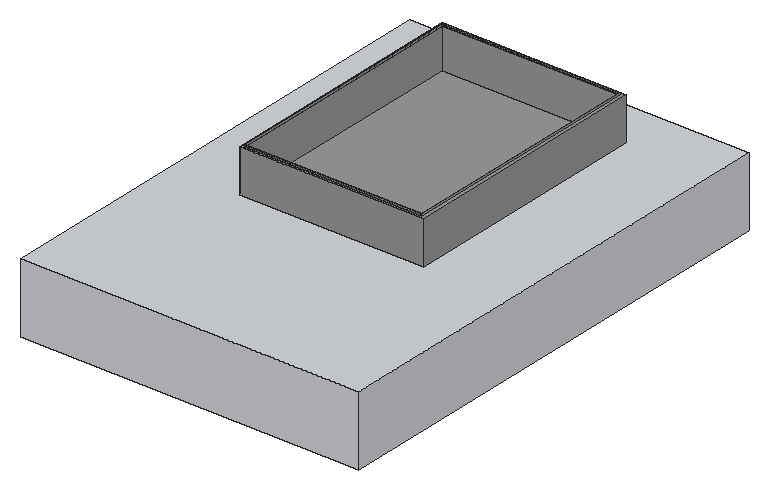
Revit family "Hager-Univers-IP30-D205-H1100-Cl.II-Encl-NL-en", category Equipement électrique, Revit 2020
Family settings
  Hôte = Face
  Configuration du panneau = Deux colonnes, circuits au sein
  Cote de connecteur circulaire = Utiliser le diamètre
  Type d'élément = Tableau de raccordement
  Couper avec des vides une fois chargée = Non
  Partagée = Non
  Point de calcul de pièce = Non
Parameters (values of type "Surface mounted (plaster) IP30 W800 H1100 D205  - FP73Q1S")
  Width Control [instance] = if([EF000008 - Width] > Min Width, [EF000008 - Width], Min Width)  # 800 mm
  Commentaires du type = [HG000003 - Range]  # "Univers"
  Thickness Door [instance] = if([EF009171 - Material plate thickness door/cover] > 3 mm, 3 mm, [EF009171 - Material plate thickness door/cover])  # 1 mm
  Seal Frame Offset [instance] = 17 mm  # constant formula
  Plinth Visibility [instance] = [HG000027 - Plinth height] > 0 mm  # no
  Model = ""
  Min Width [instance] = 100 mm  # constant formula
  Min Height [instance] = 100 mm  # constant formula
  Min Depth [instance] = (2 * [EF009170 - Material plate thickness cabinet]) + 1 mm  # 3 mm
  Internal Frame Depth [instance] = (Door System Depth * 0.5)  # 9 mm
  Height Control [instance] = if([EF000040 - Height] > Min Height, [EF000040 - Height], Min Height)  # 1100 mm
  HG000027 - Plinth height = 0 mm
  HG000026 - Floor standing = no
  HG000024 - Bottom section height = 800 mm
  HG000023 - Double section enclosure = no
  HG000016 - Door 3d visibility [instance] = yes
  HG000015 - Clearance visibility [instance] = no
  HG000014 - Door on the right [instance] = yes
  HG000013 - Door on the left [instance] = not([HG000014 - Door on the right])  # no
  HG000012 - Door swing angle [instance] = 30.00°
  HG000010 - Asymmetric doors = no
  HG000009 - Double swing door = no
  HG000006 - Flush mounted = no
  HG000004 - Manufacturer reference = "FP73Q1S"
  HG000003 - Range = "Univers"
  HG000002 - With door or cover = no
  Frame Offset Bottom [instance] = 10 mm  # constant formula
  Frame Offset [instance] = 15 mm  # constant formula
  EF015940 - Cover with overpressure release = no
  EF011959 - Degree of protection (NEMA) = ""
  EF009554 - Number of openings for flange plates = 6
  EF009212 - Cover model = "EV009916 - With notch"
  EF009171 - Material plate thickness door/cover = 1 mm
  EF009170 - Material plate thickness cabinet = 1 mm
  Fabricant = "Hager"  # constant formula
  EF008873 - Nominal current (In) = 250 A
  EF007800 - Suitable for lightning protection = no
  EF006306 - With lock = no
  EF006244 - Transparent cover/door = no
  EF005474 - Degree of protection (IP) = "EV006410 - IP30"
  EF004464 - Type of door = "EV000494 - None"
  EF004427 - Number of modules = 252
  EF004293 - Impact strength = "EV006813 - IK07"
  EF003532 - Suitable for outdoor use = no
  EF002950 - Width in number of modular spacings = 36
  EF001613 - Circuit integrity = "EV000494 - None"
  EF001596 - Material housing = "EV000179 - Steel"
  EF001131 - Internal depth = 130 mm
  EF001088 - Extension possible = yes
  EF000437 - Number of conduit inlets = 6
  EF000339 - Type of cover = "EV000494 - None"
  EF000266 - Number of rows = 7
  EF000218 - Built-in depth = 0 mm
  EF000118 - With mounting plate = no
  EF000116 - RAL-number = "9010"
  EF000049 - Depth = 205 mm
  EF000040 - Height = 1100 mm
  EF000008 - Width = 800 mm
  EF000007 - Colour = "EV000202 - White"
  EF000003 - Mounting method = "EV000384 - Surface mounted (plaster)"
  Door System Leaf Tolerance [instance] = 1.5 mm  # constant formula
  Door System Depth [instance] = 18 mm  # constant formula
  Door Height [instance] = Height Control - [HG000027 - Plinth height]  # 1100 mm
  Depth Control [instance] = if([EF000049 - Depth] > Min Depth, [EF000049 - Depth], Min Depth)  # 205 mm
  Default Elevation = 0 mm
  Connector Offset [instance] = Height Control / 2  # 550 mm
  Bottom Top Plate Trim [instance] = 1.5 mm  # constant formula
  Plinth height Ctrl [instance] = if([HG000027 - Plinth height] > 0 mm, [HG000027 - Plinth height], 12 mm)  # 12 mm
Types (5, lengths in mm): name | Width Control | HG000004 - Manufacturer reference | EF009554 - Number of openings for flange plates | EF004427 - Number of modules | EF002950 - Width in number of modular spacings | EF000437 - Number of conduit inlets | EF000008 - Width
  Surface mounted (plaster) IP30 W1050 H1100 D205  - FP74Q1S | 1050 | "FP74Q1S" | 8 | 336 | 48 | 8 | 1050
  Surface mounted (plaster) IP30 W1300 H1100 D205  - FP75Q1S | 1300 | "FP75Q1S" | 10 | 420 | 60 | 10 | 1300
  Surface mounted (plaster) IP30 W300 H1100 D205  - FP71Q1S | 300 | "FP71Q1S" | 2 | 84 | 12 | 2 | 300
  Surface mounted (plaster) IP30 W550 H1100 D205  - FP72Q1S | 550 | "FP72Q1S" | 4 | 168 | 24 | 4 | 550
  Surface mounted (plaster) IP30 W800 H1100 D205  - FP73Q1S | 800 | "FP73Q1S" | 6 | 252 | 36 | 6 | 800
Reference planes
  plane 1 "Center (Front/Back)": y = 0
  plane 2: z = 0
  plane 3 "Center (Left/Right)": x = 0
  plane 4: z = 205
  plane 5: y = 1
  plane 6: y = 550
  plane 7: y = 0
  plane 8: y = 1100
  plane 9: z = 0
  plane 10: x = -385
  plane 11: x = 385
  plane 12: x = 384
  plane 13: x = -384
  plane 14: y = 1099
  plane 15: x = -383
  plane 16: x = -400
  plane 17: x = 383
  plane 18: x = 400
  plane 19: x = 399
  plane 20: x = -399
  plane 21: y = 11
  plane 22: y = 1100
  plane 23: y = 1084
  plane 24: z = 187
  plane 25: z = 1
  plane 26: z = 186
  plane 27: z = 204
Forms (mm)
  Extrusion 1, solid
    sketch origin (0, 0, 0) x (1, 0, 0) y (0, 1, 0)
      loop
        line (-702.964, 1305) -> (-702.964, -811.445) -> (766.763, -811.445) -> (766.763, 1305) -> (-702.964, 1305)
    from 0 to -304.8
  Extrusion 2, solid, material "Hager_Steel_RAL7035_Light_Grey", visible <- "Plinth Visibility", detail levels medium+fine
    sketch origin (0, 0, 0) x (1, 0, 0) y (0, 1, 0)
      loop
        line (-400, 0) -> (400, 0) -> (400, 12) -> (-400, 12) -> (-400, 0)
    from 0 to 187
  Extrusion 3, solid, material "Hager_Steel_RAL7035_Light_Grey", detail levels medium+fine
    sketch origin (0, 0, 0) x (1, 0, 0) y (0, 1, 0)
      loop
        line (-400, 0) -> (400, 0) -> (400, 1100) -> (-400, 1100) -> (-400, 0)
    from 0 to 187
  Extrusion 4, void
    sketch origin (0, 0, 0) x (1, 0, 0) y (0, 1, 0)
      loop
        line (-399, 1) -> (399, 1) -> (399, 1099) -> (-399, 1099) -> (-399, 1)
    from 1 to 186
  Extrusion 5, void
    sketch origin (-381.607, -4572, 187) x (0, -1, 0) y (-1, 0, 0)
      loop
        line (-4583, 2.393) -> (-5656, 2.393) -> (-5656, -765.607) -> (-4583, -765.607) -> (-4583, 2.393)
    from 0 to 1 <- "EF009170 - Material plate thickness cabinet"
  Extrusion 6, solid, material "Hager_Steel_RAL7035_Light_Grey", detail levels fine
    sketch origin (0, 0, 187) x (1, 0, 0) y (0, 1, 0)
      loop
        line (-384, 1084) -> (-384, 11) -> (384, 11) -> (384, 1084) -> (-384, 1084)
      loop
        line (-385, 10) -> (385, 10) -> (385, 1085) -> (-385, 1085) -> (-385, 10)
    from 0 to 9 <- "Internal Frame Depth"
  Extrusion 7, solid, material "Hager_Steel_RAL7035_Light_Grey", detail levels coarse
    sketch origin (0, 0, 0) x (1, 0, 0) y (0, 1, 0)
      loop
        line (-400, 0) -> (400, 0) -> (400, 1100) -> (-400, 1100) -> (-400, 0)
    from 0 to 205
  Sweep 8, void
    path in 3D
      loop
        line (-400, 12, 0) -> (400, 12, 0) -> (400, 12, 187) -> (-400, 12, 187) -> (-400, 12, 0)
    profile origin (-400, 12, 93.5) x (-1, 0, 0) y (0, -1, 0)
      loop
        line (0, 0) -> (0, 1.5) -> (-1.5, 1.5)
        arc (-1.5, 1.5) -> (-1.061, 0.439) -> (0, 0) r 1.5
Cuts and joins
  Extrusion 4, Extrusion 5 cuts Extrusion 3
  Sweep 8 cuts Extrusion 2
Lines and regions (mm)
  Masking region 1
    outline origin (0, 0, 0) x (1, 0, 0) y (0, 0, 1)
      loop
        line (-400, 205) -> (-400, 0) -> (400, 0) -> (400, 205) -> (-400, 205)
  Masking region 2, detail levels medium+fine
    outline origin (0, 140, 0) x (0, 1, 0) y (0, 0, 1)
      loop
        line (-140, 0) -> (960, 0) -> (960, 187) -> (-140, 187) -> (-140, 0)
  Masking region 3, not visible, detail levels medium+fine
    outline origin (0, 297.922, 0) x (0, 1, 0) y (0, 0, 1)
      loop
        line (263.578, 0) -> (303.578, 0) -> (303.578, 194)
        arc (303.578, 194) -> (300.649, 201.071) -> (293.578, 204) r 10
        line (293.578, 204) -> (263.578, 204) -> (263.578, 0)
  Masking region 4, detail levels coarse
    outline origin (0, 0, 180) x (0, 1, 0) y (0, 0, 1)
      loop
        line (0, -180) -> (1100, -180) -> (1100, 25) -> (0, 25) -> (0, -180)
  Masking region 5, visible <- "Plinth Visibility", detail levels medium+fine
    outline origin (0, 52.24, 12.345) x (0, 0, -1) y (0, 1, 0)
      loop
        line (10.845, -40.24) -> (-173.155, -40.24)
        arc (-173.155, -40.24) -> (-173.594, -41.301) -> (-174.655, -41.74) r 1.5
        line (-174.655, -41.74) -> (-174.655, -52.24) -> (12.345, -52.24) -> (12.345, -41.74)
        arc (12.345, -41.74) -> (11.285, -41.301) -> (10.845, -40.24) r 1.5
  Masking region 6, detail levels medium+fine
    outline origin (-381.607, -4572, 187) x (-1, 0, 0) y (0, -1, 0)
      loop
        line (18.393, -5672) -> (18.393, -4572) -> (-781.607, -4572) -> (-781.607, -5672) -> (18.393, -5672)
  Masking region 7, visible <- "Plinth Visibility", detail levels medium+fine
    outline origin (-381.607, -4727, 187) x (-1, 0, 0) y (0, -1, 0)
      loop
        arc (16.893, -4739) -> (17.332, -4737.939) -> (18.393, -4737.5) r 1.5
        line (18.393, -4737.5) -> (18.393, -4727) -> (-781.607, -4727) -> (-781.607, -4737.5)
        arc (-781.607, -4737.5) -> (-780.546, -4737.939) -> (-780.107, -4739) r 1.5
        line (-780.107, -4739) -> (16.893, -4739)
  Masking region 8, detail levels coarse
    outline origin (-442.548, -4669.526, 187) x (-1, 0, 0) y (0, -1, 0)
      loop
        line (-42.548, -5769.526) -> (-42.548, -4669.526) -> (-842.548, -4669.526) -> (-842.548, -5769.526) -> (-42.548, -5769.526)
  sketch lines
    curve 1: line (-400, 12, 187) -> (-400, 12, 0)
    curve 2: line (400, 12, 187) -> (-400, 12, 187)
    curve 3: line (400, 12, 187) -> (400, 12, 0)
    curve 4: line (-400, 12, 0) -> (400, 12, 0)
Dimensions and locks
  "Depth Control": plane 4 to Extrusion 1
  "HG000027 - Plinth height": plane 1 "Center (Front/Back)" to plane 7
  "EF009170 - Material plate thickness cabinet": plane 5 to plane 7
  locked: connector elem to plane 3 "Center (Left/Right)"
  equal spacing: plane 8, plane 6, plane 7
  locked: connector elem to plane 6
  "EF009170 - Material plate thickness cabinet": plane 8 to plane 14
  "EF009170 - Material plate thickness cabinet": plane 10 to plane 13
  "EF009170 - Material plate thickness cabinet": plane 12 to plane 11
  "Frame Offset": plane 20 to plane 13
  "Frame Offset": plane 12 to plane 19
  "EF009170 - Material plate thickness cabinet": plane 16 to plane 20
  "EF009170 - Material plate thickness cabinet": plane 19 to plane 18
  "Seal Frame Offset": plane 16 to plane 15
  "Seal Frame Offset": plane 17 to plane 18
  "Frame Offset Bottom": plane 21 to plane 5
  "Frame Offset": plane 14 to plane 23
  equal spacing: plane 16, plane 3 "Center (Left/Right)", plane 18
  "Width Control": plane 16 to plane 18
  "EF009170 - Material plate thickness cabinet": plane 4 to plane 27
  "EF009170 - Material plate thickness cabinet": plane 24 to plane 26
  "EF009170 - Material plate thickness cabinet": plane 25 to level
  "Door System Depth": plane 4 to plane 24
  "Height Control": plane 1 "Center (Front/Back)" to Extrusion 7 sketch curve
  "Height Control": Masking region 4 sketch curve to plane 1 "Center (Front/Back)"
  "Height Control": plane 1 "Center (Front/Back)" to plane 22
  "Bottom Top Plate Trim": profile plane to Sweep 8 sketch curve
  "Bottom Top Plate Trim": Sweep 8 sketch curve to profile plane
  "Plinth height Ctrl": plane 1 "Center (Front/Back)" to Extrusion 2 sketch curve
  "Plinth height Ctrl": Masking region 5 sketch curve to plane 1 "Center (Front/Back)"
  "Plinth height Ctrl": plane 1 "Center (Front/Back)" to Masking region 7 sketch curve
  "Thickness Door": Extrusion 6 sketch curve to Extrusion 6 sketch curve  (x3)
  "Thickness Door": cut or joined group of Extrusion 3, Extrusion 4, Extrusion 5 to Extrusion 6 sketch curve
  radius of Masking region 3 sketch curve = 10 mm
  "Bottom Top Plate Trim": radius of Masking region 5 sketch curve  (x2)
  "Bottom Top Plate Trim": radius of Sweep 8 sketch curve
  "Bottom Top Plate Trim": radius of Masking region 7 sketch curve  (x2)
  aligned and locked: plane 2 to Extrusion 1
  aligned and locked: level to Extrusion 1
  aligned and locked: level to Masking region 1 sketch curve
  aligned and locked: Masking region 1 sketch curve to plane 18
  aligned and locked: Masking region 1 sketch curve to plane 16
  aligned and locked: plane 7 to Masking region 2 sketch curve
  aligned and locked: level to Masking region 3 sketch curve
  aligned and locked: Masking region 3 sketch curve to plane 27
  aligned and locked: level to Masking region 2 sketch curve
  aligned and locked: plane 1 "Center (Front/Back)" to Extrusion 2 sketch curve
  aligned and locked: Extrusion 3 sketch curve to plane 7
  aligned and locked: plane 16 to Extrusion 3 sketch curve
  aligned and locked: plane 18 to Extrusion 3 sketch curve
  aligned and locked: plane 20 to Extrusion 4 sketch curve
  aligned and locked: plane 19 to Extrusion 4 sketch curve
  aligned and locked: Extrusion 4 sketch curve to plane 5
  aligned and locked: Extrusion 4 to plane 25
  aligned and locked: plane 26 to Extrusion 4
  aligned and locked: plane 24 to Extrusion 3
  aligned and locked: Extrusion 5 sketch curve to plane 21
  aligned and locked: Extrusion 5 sketch curve to plane 13
  aligned and locked: Extrusion 5 sketch curve to plane 12
  aligned and locked: plane 18 to Extrusion 7 sketch curve
  aligned and locked: plane 1 "Center (Front/Back)" to Extrusion 7 sketch curve
  aligned and locked: plane 16 to Extrusion 7 sketch curve
  aligned and locked: plane 4 to Extrusion 7
  aligned and locked: Extrusion 7 to level
  aligned and locked: level to Masking region 4 sketch curve
  aligned and locked: Masking region 4 sketch curve to plane 1 "Center (Front/Back)"
  aligned and locked: Masking region 4 sketch curve to plane 4
  aligned and locked: nested 1 to level
  aligned and locked: nested 1 to plane 16
  aligned and locked: plane 8 to Extrusion 3 sketch curve
  aligned and locked: plane 23 to Extrusion 5 sketch curve
  aligned and locked: plane 14 to Extrusion 4 sketch curve
  aligned and locked: Masking region 2 sketch curve to plane 8
  aligned and locked: level to Masking region 5 sketch curve
  aligned and locked: plane 16 to Extrusion 2 sketch curve
  aligned and locked: plane 18 to Extrusion 2 sketch curve
  aligned and locked: Masking region 5 sketch curve to plane 24
  aligned and locked: Masking region 2 sketch curve to plane 24
  aligned and locked: plane 24 to Extrusion 2
  aligned and locked: profile plane to Sweep 8 sketch curve  (x2)
  aligned and locked: Masking region 6 sketch curve to plane 18
  aligned and locked: Masking region 6 sketch curve to plane 22
  aligned and locked: Masking region 6 sketch curve to plane 16
  aligned and locked: plane 8 to plane 22
  aligned and locked: Masking region 6 sketch curve to plane 7
  aligned and locked: Masking region 7 sketch curve to plane 16
  aligned and locked: Masking region 7 sketch curve to plane 1 "Center (Front/Back)"
  aligned and locked: Masking region 7 sketch curve to plane 18
  aligned and locked: Masking region 8 sketch curve to plane 1 "Center (Front/Back)"
  aligned and locked: Masking region 8 sketch curve to plane 18
  aligned and locked: Masking region 8 sketch curve to plane 22
  aligned and locked: Masking region 8 sketch curve to plane 16
  aligned and locked: nested 2 to plane 7
  aligned and locked: plane 3 "Center (Left/Right)" to nested 2
  aligned and locked: nested 2 to plane 24
  aligned and locked: Extrusion 6 sketch curve to cut or joined group of Extrusion 3, Extrusion 4, Extrusion 5  (x4)
Automatic sketch dimensions
  Extrusion 1 sketch curve to Extrusion 1 sketch curve = 1469.727 mm
  Extrusion 1 sketch curve to Extrusion 1 sketch curve = 2116.445 mm
  Masking region 1 sketch curve to plane 4 = 0 mm
  plane 6 to Masking region 3 sketch curve = 11.5 mm
  Masking region 3 sketch curve to Masking region 3 sketch curve = 30 mm
  Masking region 5 sketch curve to plane 1 "Center (Front/Back)" = 0 mm
Nested families
  nested 1: "Hager_Enclosure_Symbol" at (-400, 0, 0) x (1, 0, 0) z (0, -1, 0), Height <- "Depth Control", Width <- "Width Control", type "Hager_Enclosure_Symbol"
    with Width_Ctrl 800 mm, Width 800 mm, Height_Ctrl 205 mm, Height 205 mm, A_Width_Int 13.453 mm, A_Width 161.438 mm, A_Height_Ctrl 179.375 mm, A_Height 179.375 mm
  nested 2: "EC000058_Univers_Door" at (0, 0, 187) x (1, 0, 0) z (0, 1, 0), Leaf_Tolerance <- "Door System Leaf Tolerance", Angle <- "HG000012 - Door swing angle", Door_Depth <- "Door System Depth", Door_Left <- "HG000013 - Door on the left", Transparent <- "EF006244 - Transparent cover/door", Assymetrical <- "HG000010 - Asymmetric doors", Width <- "Width Control", Clearance <- "HG000015 - Clearance visibility", Double <- "HG000009 - Double swing door", 3d_Door <- "HG000016 - Door 3d visibility", Lock_Visibility <- "EF006306 - With lock", Width_Ctrl <- "Width Control", Door_Right <- "HG000014 - Door on the right", Door <- "HG000002 - With door or cover", Height <- "Door Height", Thickness <- "Thickness Door", type "EC000058_Univers_Door", detail levels medium+fine
    with min_wh 3 mm, Width_Ctrl 800 mm, Width 800 mm, Transparent no, Thickness 1 mm, Seal_Material Hager_Rubber, Lock_Visibility no, Lock_Material Hager_Plastic_RAL9005_Jet_Black, Leaf_Width 800 mm, Leaf_Tolerance_External_Sides 0 mm, Leaf_Tolerance 1.5 mm, Leaf_Offset 0 mm, Leaf_Height 1097 mm, Leaf_2_Width 800 mm, Leaf_2_Offset 400 mm, Leaf_1_Width 800 mm, Leaf_1_Offset 400 mm, Height_Ctrl 1100 mm, Height 1100 mm, Glass_Material Hager_Glass, Double_Clearance_Ctrl no, Double no, Door_Right_Ctrl no, Door_Right yes, Door_Material Hager_Steel_RAL7035_Light_Grey, Door_Left_Ctrl no, Door_Left no, Door_Depth 18 mm, Door no, Clearance_Material Hager_Clearance, Clearance_Depth 800 mm, Clearance_Ctrl no, Clearance no, Assymetrical no, Angle 30.00°, 3d_Door yes
Connectors
  electrical at (0, 550, 0)
    settings: on plane 9, index 1, voltage 0 V, apparent load 0 VA, apparent load phase1 0 VA, apparent load phase2 0 VA, apparent load phase3 0 VA, power factor 1, load classification "Other", number of poles 1, system type 30, power factor state 1, is connector primary yes, connector utility no, sub classification motor no, connector description ""
Definition of nested family "Hager_Enclosure_Symbol"
  Parameters (values of type "Hager_Enclosure_Symbol")
    Width_Ctrl [instance] = if(Width > 1 mm, Width, 1 mm)  # 102.27 mm
    Width [instance] = 102.27 mm
    Height_Ctrl [instance] = if(Height > 1 mm, Height, 1 mm)  # 66.5 mm
    A_Width_Int [instance] = if(A_Width / 12 > 2 mm, A_Width / 12, 2 mm)  # 4.364 mm
    A_Width [instance] = if(A_Height_Ctrl * 0.9 > 2 mm, A_Height_Ctrl * 0.9, 2 mm)  # 52.369 mm
    A_Height_Ctrl [instance] = if(A_Height > 2 mm, A_Height, 2 mm)  # 58.188 mm
    Height [instance] = 66.5 mm
    A_Height [instance] = Height - (Height / 8)  # 58.188 mm
  Reference planes
    plane 1 "Centre (avant/arrière)": y = 0
    plane 2: z = 0
    plane 3 "Centre (gauche/droite)": x = 0
    plane 4: x = 52.369
    plane 5: y = 33.042
    plane 6: y = 41.77
    plane 7: y = 66.5
    plane 8: x = 26.184
    plane 9: y = 37.406
    plane 10: x = 102.27
    plane 11: y = 66.5
    plane 12: y = 8.313
  Lines and regions (mm)
    Filled region 1, type "Solid_Black", in view "Niveau de réf."
      outline origin (0, 0, 0) x (1, 0, 0) y (0, 1, 0)
        loop
          line (52.369, 66.5) -> (33.188, 54.536) -> (45.365, 45.006) -> (52.369, 66.5)
    Filled region 2, type "Solid_Black", in view "Niveau de réf."
      outline origin (0, 0, 0) x (1, 0, 0) y (0, 1, 0)
        loop
          line (0, 0) -> (102.27, 0) -> (102.27, 66.5) -> (0, 0)
    detail lines, in view "Niveau de réf."
      curve 1: line (0, 8.313, 0) -> (26.184, 41.77, 0)
      curve 2: line (26.184, 41.77, 0) -> (26.184, 33.042, 0)
      curve 3: line (26.184, 33.042, 0) -> (52.369, 66.5, 0)
  Dimensions and locks
    "A_Width": plane 3 "Centre (gauche/droite)" to plane 4
    equal spacing: plane 3 "Centre (gauche/droite)", plane 8, plane 4
    equal spacing: plane 6, plane 9, plane 5
    equal spacing: curve 3, Filled region 1 sketch curve, Filled region 1 sketch curve
    "Height_Ctrl": plane 1 "Centre (avant/arrière)" to plane 11
    "A_Height_Ctrl": plane 11 to plane 12
    equal spacing: plane 11, plane 9, plane 12
    "A_Width_Int": plane 6 to plane 9
    "Width_Ctrl": plane 3 "Centre (gauche/droite)" to plane 10
    angle Filled region 1 sketch curve to curve 3 = 20.00°
    angle curve 3 to Filled region 1 sketch curve = 20.00°
    locked: curve 3 to Filled region 1 sketch curve (angle 90.00°)
    aligned and locked: plane 10 to Filled region 2
    aligned and locked: plane 11 to Filled region 2 sketch curve
    aligned and locked: plane 10 to Filled region 2 sketch curve
    aligned and locked: plane 3 "Centre (gauche/droite)" to curve 1
    aligned and locked: plane 12 to curve 1
    aligned and locked: plane 7 to plane 11
  Automatic sketch dimensions
    Filled region 1 sketch curve to plane 4 = 0 mm
    Filled region 1 sketch curve to plane 7 = 0 mm
    plane 1 "Centre (avant/arrière)" to Filled region 2 sketch curve = 0 mm
    Filled region 2 sketch curve to plane 3 "Centre (gauche/droite)" = 0 mm
    curve 2 to plane 6 = 0 mm
    curve 2 to plane 8 = 0 mm
    curve 3 to plane 4 = 0 mm
    curve 2 to plane 5 = 0 mm
    curve 3 to plane 7 = 0 mm
Definition of nested family "EC000058_Univers_Door"
  Parameters (values of type "EC000058_Univers_Door")
    min_wh [instance] = (2 * Thickness) + 1 mm  # 11 mm
    Width_Ctrl [instance] = 400 mm
    Width [instance] = 500 mm
    Transparent [instance] = yes
    Thickness [instance] = 5 mm
    Seal_Material [instance] = none
    Lock_Visibility [instance] = yes
    Lock_Material [instance] = none
    Leaf_Width [instance] = if((Width_Ctrl - 2 * Leaf_Tolerance_External_Sides) > 0 mm, (Width_Ctrl - 2 * Leaf_Tolerance_External_Sides), min_wh)  # 400 mm
    Leaf_Tolerance_External_Sides [instance] = 0 mm  # constant formula
    Leaf_Tolerance [instance] = 1.5 mm
    Leaf_Offset [instance] = 0 mm  # constant formula
    Leaf_Height [instance] = if((Height_Ctrl - 2 * Leaf_Tolerance) > 0 mm, (Height_Ctrl - 2 * Leaf_Tolerance), min_wh)  # 497 mm
    Leaf_2_Width [instance] = if(and(and(Double, Assymetrical), Door_Left), (Leaf_Width / 3) - (Leaf_Tolerance / 2), if(and(and(Double, Assymetrical), Door_Right), (Leaf_Width / 3) * 2 - (Leaf_Tolerance / 2), if(and(Double, not(Assymetrical)), (Leaf_Width / 2) - Leaf_Tolerance, Leaf_Width)))  # 400 mm
    Leaf_2_Offset [instance] = if(and(Double, Assymetrical), Leaf_2_Width / 2, if(and(Double, not(Assymetrical)), Leaf_Width / 4, Leaf_Width / 2))  # 200 mm
    Leaf_1_Width [instance] = if(and(and(Double, Assymetrical), Door_Right), (Leaf_Width / 3) - (Leaf_Tolerance / 2), if(and(and(Double, Assymetrical), Door_Left), (Width / 3) * 2 - (Leaf_Tolerance / 2), if(and(Double, not(Assymetrical)), (Leaf_Width / 2) - Leaf_Tolerance, Leaf_Width)))  # 400 mm
    Leaf_1_Offset [instance] = if(and(Double, Assymetrical), Leaf_1_Width / 2, if(and(Double, not(Assymetrical)), Leaf_Width / 4, Leaf_Width / 2))  # 200 mm
    Height_Ctrl [instance] = if(Height > min_wh, Height, min_wh)  # 500 mm
    Height [instance] = 500 mm
    Glass_Material [instance] = none
    Double_Clearance_Ctrl [instance] = and(Double, Clearance)  # no
    Double [instance] = no
    Door_Right_Ctrl [instance] = and(or(Door_Right, Double), Door)  # yes
    Door_Right [instance] = yes
    Door_Material [instance] = none
    Door_Left_Ctrl [instance] = and(or(Door_Left, Double), Door)  # no
    Door_Left [instance] = no
    Door_Depth [instance] = 30 mm
    Door [instance] = yes
    Default Elevation = 1219.2 mm
    Clearance_Material [instance] = none
    Clearance_Depth [instance] = if(Leaf_1_Width > Leaf_2_Width, Leaf_1_Width, Leaf_2_Width)  # 400 mm
    Clearance_Ctrl [instance] = and(not(Double), Clearance)  # yes
    Clearance [instance] = yes
    Assymetrical [instance] = yes
    Angle [instance] = 30.00°
    3d_Door [instance] = yes
  Reference planes
    plane 1 "Center (Front/Back)": y = 0
    plane 2 "Bottom": z = 0
    plane 3 "Center (Left/Right)": x = 0
    plane 4: z = 500
    plane 5: x = -200
    plane 6: x = 200
    plane 7: z = 500
    plane 8: x = -200
    plane 9: z = 0
    plane 10: x = 200
    plane 11: y = 0
    plane 12: z = 1.5
    plane 13: x = -600
    plane 14: y = -400
    plane 15: x = 600
    plane 16: x = 0
    plane 17: x = 0
    plane 18: x = -200
    plane 19: x = 200
    plane 20: z = 498.5
  Forms (mm)
    Extrusion 1, solid, material <- "Clearance_Material", visible <- "Double_Clearance_Ctrl"
      sketch origin (1200, 0, 0) x (1, 0, 0) y (0, 0, -1)
        loop
          line (-1800, -498.5) -> (-600, -498.5) -> (-600, 0) -> (-1800, 0) -> (-1800, -498.5)
      from 0 to -400
  Dimensions and locks
    equal spacing: plane 5, plane 3 "Center (Left/Right)", plane 6
    "Width_Ctrl": plane 5 to plane 6
    "Leaf_Offset": plane 5 to plane 8
    "Leaf_Offset": plane 6 to plane 10
    "Leaf_Offset": plane 9 to level
    "Leaf_Offset": plane 4 to plane 7
    "Height_Ctrl": plane 4 to level
    "Leaf_Tolerance": plane 12 to plane 9
    locked: plane 11 to plane 1 "Center (Front/Back)"
    "Leaf_1_Offset": plane 18 to plane 16
    "Leaf_2_Offset": plane 17 to plane 19
    "Leaf_1_Width": plane 13 to plane 8
    "Leaf_2_Width": plane 10 to plane 15
    "Clearance_Depth": plane 14 to plane 1 "Center (Front/Back)"
    "Leaf_Tolerance_External_Sides": plane 8 to plane 18
    "Leaf_Tolerance_External_Sides": plane 19 to plane 10
    "Leaf_Tolerance": plane 7 to plane 20
    aligned and locked: level to plane 2 "Bottom"
    aligned and locked: nested 1 to plane 16
    aligned and locked: nested 2 to plane 17
    aligned and locked: Extrusion 1 to plane 13
    aligned and locked: plane 15 to Extrusion 1
    aligned and locked: Extrusion 1 to plane 14
    aligned and locked: plane 12 to nested 1
    aligned and locked: nested 2 to plane 12
    aligned and locked: Extrusion 1 to plane 11
    aligned and locked: plane 20 to Extrusion 1
    aligned and locked: nested 2 to plane 11
    aligned and locked: nested 1 to plane 11
  Automatic sketch dimensions
    Extrusion 1 sketch curve to level = 0 mm
    plane 5 to Extrusion 1 sketch curve = 400 mm
    plane 6 to Extrusion 1 sketch curve = 400 mm
    Extrusion 1 sketch curve to plane 4 = 1.5 mm
  Nested families
    nested 1: "EC000058_Univers_Door_Leaf" at (0, 0, 1.5), Width <- "Leaf_1_Width", visible <- "Door_Left_Ctrl", Leaf_Height <- "Leaf_Height", Angle <- "Angle", 3d_Door <- "3d_Door", Transparent <- "Transparent", Clearance Material <- "Clearance_Material", Clearance <- "Clearance_Ctrl", Door_Material <- "Door_Material", Glass_Material <- "Glass_Material", Door_Depth <- "Door_Depth", Lock_Material <- "Lock_Material", Seal_Material <- "Seal_Material", Lock_Visibility <- "Lock_Visibility", Thickness <- "Thickness", type "EC000058_Univers_Door_Leaf"
      with Width 400 mm, Transparent_Glass_Offset 30 mm, Transparent_Ctrl yes, Transparent yes, Thickness 5 mm, Standard no, Seal_Material none, Seal_D2 8 mm, Seal_D1 1 mm, Offset_Internal_Frame 10 mm, Lock_Width 20 mm, Lock_Visibility_3d yes, Lock_Visibility yes, Lock_Thickness_3 3 mm, Lock_Thickness_2 1 mm, Lock_Thickness_1 3 mm, Lock_Radius_Offset_2 16 mm, Lock_Radius_Offset_1 15 mm, Lock_Radius_2 5 mm, Lock_Radius 6 mm, Lock_Offset 5 mm, Lock_Material none, Lock_Height 80 mm, Lock_Cover_Top_Offset_2d 17 mm, Lock_Cover_Height -65 mm, Leaf_Height 497 mm, Internal_Seal_Thickness 8 mm, Internal_Seal_Depth_2 4.5 mm, Internal_Frame_Depth 25 mm, Glass_Thickness -1 mm, Glass_Offset -2 mm, Glass_Material none, Door_Material none, Door_Depth 30 mm, Clearance Material none, Clearance yes, Angle_Ctrl 30.00°, Angle 30.00°, 3d_Door yes
    nested 2: "EC000058_Univers_Door_Leaf" at (0, 0, 1.5) x (-1, 0, 0) z (0, 0, 1), Width <- "Leaf_2_Width", visible <- "Door_Right_Ctrl", Leaf_Height <- "Leaf_Height", Angle <- "Angle", 3d_Door <- "3d_Door", Transparent <- "Transparent", Clearance Material <- "Clearance_Material", Clearance <- "Clearance_Ctrl", Door_Material <- "Door_Material", Glass_Material <- "Glass_Material", Door_Depth <- "Door_Depth", Lock_Material <- "Lock_Material", Seal_Material <- "Seal_Material", Lock_Visibility <- "Lock_Visibility", Thickness <- "Thickness", type "EC000058_Univers_Door_Leaf"
      with Width 400 mm, Transparent_Glass_Offset 30 mm, Transparent_Ctrl yes, Transparent yes, Thickness 5 mm, Standard no, Seal_Material none, Seal_D2 8 mm, Seal_D1 1 mm, Offset_Internal_Frame 10 mm, Lock_Width 20 mm, Lock_Visibility_3d yes, Lock_Visibility yes, Lock_Thickness_3 3 mm, Lock_Thickness_2 1 mm, Lock_Thickness_1 3 mm, Lock_Radius_Offset_2 16 mm, Lock_Radius_Offset_1 15 mm, Lock_Radius_2 5 mm, Lock_Radius 6 mm, Lock_Offset 5 mm, Lock_Material none, Lock_Height 80 mm, Lock_Cover_Top_Offset_2d 17 mm, Lock_Cover_Height -65 mm, Leaf_Height 497 mm, Internal_Seal_Thickness 8 mm, Internal_Seal_Depth_2 4.5 mm, Internal_Frame_Depth 25 mm, Glass_Thickness -1 mm, Glass_Offset -2 mm, Glass_Material none, Door_Material none, Door_Depth 30 mm, Clearance Material none, Clearance yes, Angle_Ctrl 30.00°, Angle 30.00°, 3d_Door yes
  Definition of nested family "EC000058_Univers_Door_Leaf"
    Parameters (values of type "EC000058_Univers_Door_Leaf")
      Width [instance] = 2000 mm
      Transparent_Glass_Offset [instance] = 30 mm
      Transparent_Ctrl [instance] = and(Transparent, [3d_Door])  # yes
      Transparent [instance] = yes
      Thickness [instance] = 5 mm
      Standard [instance] = and(not(Transparent), [3d_Door])  # no
      Seal_Material [instance] = none
      Seal_D2 [instance] = 8 mm  # constant formula
      Seal_D1 [instance] = 1 mm  # constant formula
      Offset_Internal_Frame [instance] = 10 mm  # constant formula
      Lock_Width [instance] = 20 mm  # constant formula
      Lock_Visibility_3d [instance] = and(Lock_Visibility, [3d_Door])  # yes
      Lock_Visibility [instance] = yes
      Lock_Thickness_3 [instance] = 3 mm  # constant formula
      Lock_Thickness_2 [instance] = 1 mm  # constant formula
      Lock_Thickness_1 [instance] = 3 mm  # constant formula
      Lock_Radius_Offset_2 [instance] = Lock_Radius_Offset_1 + 1 mm  # 16 mm
      Lock_Radius_Offset_1 [instance] = 15 mm  # constant formula
      Lock_Radius_2 [instance] = Lock_Radius - 1 mm  # 5 mm
      Lock_Radius [instance] = 6 mm  # constant formula
      Lock_Offset [instance] = 5 mm  # constant formula
      Lock_Material [instance] = none
      Lock_Height [instance] = 80 mm  # constant formula
      Lock_Cover_Top_Offset_2d [instance] = Lock_Radius_Offset_2 + 1 mm  # 17 mm
      Lock_Cover_Height [instance] = -(Lock_Height - Lock_Radius_Offset_1)  # -65 mm
      Leaf_Height [instance] = 2720.336 mm
      Internal_Seal_Thickness [instance] = 8 mm  # constant formula
      Internal_Seal_Depth_2 [instance] = 4.5 mm  # constant formula
      Internal_Frame_Depth [instance] = if(Door_Depth - Thickness > 5 mm, Door_Depth - Thickness, 5 mm)  # 25 mm
      Glass_Thickness [instance] = if(Thickness > 15 mm, Glass_Offset + 10 mm, -1 mm)  # -1 mm
      Glass_Offset [instance] = if(Thickness > 15 mm, -(Thickness + 10 mm) / 2, -2 mm)  # -2 mm
      Glass_Material [instance] = none
      Door_Material [instance] = none
      Door_Depth [instance] = 30 mm
      Default Elevation = 0 mm
      Clearance Material [instance] = none
      Clearance [instance] = yes
      Angle_Ctrl [instance] = if(Angle > 180.00°, 180.00°, Angle)  # 90.00°
      Angle [instance] = 90.00°
      3d_Door [instance] = yes
    Reference planes
      plane 1 "Center (Front/Back)": y = 0
      plane 2: z = 0
      plane 3 "Center (Left/Right)": x = 0
      plane 4: y = 2000
      plane 5: x = -1000
      plane 6: x = 1000
      plane 7: x = -3000
      plane 8: z = 2720.336
      plane 9: z = 30
      plane 10: z = 2690.336
      plane 11: x = 970
      plane 12: x = -970
      plane 13: y = -3
      plane 14: z = 107.833
      plane 15: y = -5
      plane 16: y = -223.314
      plane 17: x = -1000
      plane 18: z = 1360.168
      plane 19: y = 30
    Forms (mm)
      Extrusion 1, solid, material <- "Clearance Material", visible <- "Clearance"
        sketch origin (0, 0, 0) x (1, 0, 0) y (0, 0, 1)
          loop
            line (-3000, 2720.336) -> (-3000, 0) -> (1000, 0) -> (1000, 2720.336) -> (-3000, 2720.336)
        from 0 to -2000
      Extrusion 2, solid, material <- "Door_Material", visible <- "Standard", detail levels medium+fine
        sketch origin (-1000, 0, 0) x (0, 1, 0) y (-1, 0, 0)
          loop
            line (0, 30) -> (0, 25) -> (2000, 25) -> (2000, 30) -> (0, 30)
        from 0 to 2720.336 <- "Leaf_Height"
      Extrusion 3, solid, material <- "Door_Material", visible <- "Transparent_Ctrl", detail levels medium+fine
        sketch origin (-1000, 0, 0) x (0, 1, 0) y (-1, 0, 0)
          loop
            line (0, 25) -> (2000, 25) -> (2000, 30) -> (0, 30) -> (0, 25)
        from 0 to 2720.336 <- "Leaf_Height"
      Extrusion 4, void
        sketch origin (-1025, 2000, 0) x (0, 1, 0) y (0, 0, -1)
          loop
            line (-30, -2690.336) -> (-30, -30) -> (-1970, -30) -> (-1970, -2690.336) -> (-30, -2690.336)
        from 0 to 5 <- "Thickness"
      Sweep 5, solid, material <- "Seal_Material", visible <- "Transparent_Ctrl", detail levels fine
        path in 3D
          loop
            line (-1025, 30, 30) -> (-1025, 30, 2690.336) -> (-1025, 1970, 2690.336) -> (-1025, 1970, 30) -> (-1025, 30, 30)
        profile origin (-1025, 1000, 30) x (1, 0, 0) y (0, 0, 1)
          loop
            line (0, 0) -> (0, -8) -> (1, -8) -> (1, 0) -> (0, 0)
      Extrusion 6, solid, material <- "Glass_Material", visible <- "Transparent_Ctrl", detail levels medium+fine
        sketch origin (-1030, 0, 0) x (0, 1, 0) y (0, 0, -1)
          loop
            line (1970, -2690.336) -> (1970, -30) -> (30, -30) -> (30, -2690.336) -> (1970, -2690.336)
        from -2 <- "Glass_Offset" to -1 <- "Glass_Thickness"
      Extrusion 7, solid, material <- "Door_Material", visible <- "3d_Door", detail levels medium+fine
        sketch origin (-1025, 2000, 0) x (0, -1, 0) y (0, 0, -1)
          loop
            line (0, -2720.336) -> (2000, -2720.336) -> (2000, 0) -> (0, 0) -> (0, -2720.336)
          loop
            line (1995, -5) -> (5, -5) -> (5, -2715.336) -> (1995, -2715.336) -> (1995, -5)
        from 0 to 25 <- "Internal_Frame_Depth"
      Sweep 8, solid, material <- "Seal_Material", visible <- "Transparent_Ctrl", detail levels fine
        path in 3D
          loop
            line (-1025, 0, 0) -> (-1025, 2000, 0) -> (-1025, 2000, 2720.336) -> (-1025, 0, 2720.336) -> (-1025, 0, 0)
        profile origin (-1025, 0, 1360.168) x (1, 0, 0) y (0, 1, 0)
          loop
            line (0, 10) -> (2.975, 10)
            arc (2.975, 10) -> (4.053, 10.447) -> (4.5, 11.525) r 1.525
            line (4.5, 11.525) -> (4.5, 16.527)
            arc (4.5, 16.527) -> (4.069, 17.569) -> (3.027, 18) r 1.473
            line (3.027, 18) -> (0, 18) -> (0, 10)
      Extrusion 9, solid, material <- "Lock_Material", visible <- "Lock_Visibility_3d", detail levels fine
        sketch origin (-1030, 0, 0) x (0, 1, 0) y (0, 0, -1)
          loop
            arc (1993.5, -1400.168) -> (1994.561, -1399.729) -> (1995, -1398.668) r 1.5
            line (1995, -1398.668) -> (1995, -1320.168) -> (1975, -1320.168) -> (1975, -1398.668)
            arc (1975, -1398.668) -> (1975.439, -1399.729) -> (1976.5, -1400.168) r 1.5
            line (1976.5, -1400.168) -> (1993.5, -1400.168)
        from 3 <- "Lock_Thickness_1" to 0
      Blend 10, solid, material <- "Lock_Material", visible <- "Lock_Visibility_3d", detail levels fine
        base sketch origin (-1033, 0, 0) x (0, 1, 0) y (0, 0, -1)
          loop
            line (1975, -1320.168) -> (1975, -1398.668)
            arc (1975, -1398.668) -> (1975.439, -1399.729) -> (1976.5, -1400.168) r 1.5
            line (1976.5, -1400.168) -> (1993.5, -1400.168)
            arc (1993.5, -1400.168) -> (1994.561, -1399.729) -> (1995, -1398.668) r 1.5
            line (1995, -1398.668) -> (1995, -1320.168) -> (1975, -1320.168)
        top sketch origin (-1033, 0, 0) x (0, 1, 0) y (0, 0, -1)
          loop
            line (1976, -1320.168) -> (1976, -1398.668)
            arc (1976, -1398.668) -> (1976.146, -1399.022) -> (1976.5, -1399.168) r 0.5
            line (1976.5, -1399.168) -> (1993.5, -1399.168)
            arc (1993.5, -1399.168) -> (1993.854, -1399.022) -> (1994, -1398.668) r 0.5
            line (1994, -1398.668) -> (1994, -1320.168) -> (1976, -1320.168)
        from 0 to 1 <- "Lock_Thickness_2"
      Blend 11, solid, material <- "Lock_Material", visible <- "Lock_Visibility_3d", detail levels fine
        base sketch origin (-1034, 0, 0) x (0, 1, 0) y (0, 0, -1)
          loop
            line (1978, -1320.168) -> (1978, -1384.168)
            arc (1978, -1384.168) -> (1985, -1391.168) -> (1992, -1384.168) r 7
            line (1992, -1384.168) -> (1992, -1320.168) -> (1978, -1320.168)
        top sketch origin (-1034, 0, 0) x (0, 1, 0) y (0, 0, -1)
          loop
            line (1991, -1320.168) -> (1979, -1320.168) -> (1979, -1383.168)
            arc (1979, -1383.168) -> (1985, -1389.168) -> (1991, -1383.168) r 6
            line (1991, -1383.168) -> (1991, -1320.168)
        from 0 to 3 <- "Lock_Thickness_3"
      Extrusion 12, solid, material <- "Lock_Material", visible <- "Lock_Visibility_3d", detail levels fine
        sketch origin (-1030, 1975, 1320.168) x (1, 0, 0) y (0, -1, 0)
          loop
            line (-7, -19) -> (-7, -1) -> (0, -1) -> (0, 0) -> (-8, 0) -> (-8, -20) -> (0, -20) -> (0, -19) -> (-7, -19)
        from 0 to -65 <- "Lock_Cover_Height"
      Extrusion 13, void
        sketch origin (-1038, 1995, 1320.168) x (-1, 0, 0) y (0, 0, -1)
          loop
            line (-5, -65) -> (0, -65) -> (-5, -60) -> (-5, -65)
        from 0 to 20 <- "Lock_Width"
      Extrusion 14, void
        sketch origin (-1038, 1975, 1320.168) x (0, -1, 0) y (0, 0, -1)
          loop
            circle (-10, -15.995) r 6
          loop
            circle (-10, -15.995) r 5
        from 0 to 2
      Extrusion 15, solid, material <- "Lock_Material", visible <- "Lock_Visibility_3d", detail levels medium
        sketch origin (-1030, 0, 0) x (0, 1, 0) y (0, 0, -1)
          loop
            arc (1993.5, -1400.168) -> (1994.561, -1399.729) -> (1995, -1398.668) r 1.5
            line (1995, -1398.668) -> (1995, -1320.168) -> (1975, -1320.168) -> (1975, -1398.668)
            arc (1975, -1398.668) -> (1975.439, -1399.729) -> (1976.5, -1400.168) r 1.5
            line (1976.5, -1400.168) -> (1993.5, -1400.168)
        from 8 to 0
    Cuts and joins
      Extrusion 4 cuts Extrusion 3
      Extrusion 13, Extrusion 14 cuts Extrusion 9
      Extrusion 14 cuts Blend 11
      Extrusion 13, Extrusion 14 cuts Extrusion 12
      joined: Extrusion 9, Blend 10, Blend 11, Extrusion 12
      Extrusion 14 cuts Extrusion 15
    Lines and regions (mm)
      Masking region 1, visible <- "Lock_Visibility", detail levels fine
        outline origin (0, 0, 0) x (0, 1, 0) y (0, 0, 1)
          loop
            line (30, 1320.168) -> (33, 1320.168) -> (33, 1400.168) -> (30, 1400.168) -> (30, 1320.168)
      Masking region 2, visible <- "Lock_Visibility", detail levels fine
        outline origin (0, 3.143, 0) x (0, 1, 0) y (0, 0, 1)
          loop
            line (29.857, 1354.168) -> (30.857, 1354.168) -> (30.857, 1366.168) -> (29.857, 1366.168) -> (29.857, 1354.168)
      Masking region 3, detail levels medium+fine
        outline origin (0, 0, 0) x (0, 1, 0) y (0, 0, 1)
          loop
            line (0, 0) -> (30, 0) -> (30, 2720.336) -> (0, 2720.336) -> (0, 0)
      Masking region 4, detail levels medium+fine
        outline origin (0, 0, 0) x (1, 0, 0) y (0, 0, 1)
          loop
            line (-1000, 2720.336) -> (-1000, 0) -> (1000, 0) -> (1000, 2720.336) -> (-1000, 2720.336)
      Masking region 5, visible <- "Lock_Visibility", detail levels fine
        outline origin (-47.116, 0, 0) x (1, 0, 0) y (0, 0, 1)
          loop
            arc (1024.616, 1399.168) -> (1023.556, 1398.729) -> (1023.116, 1397.668) r 1.5
            line (1023.116, 1397.668) -> (1023.116, 1320.168) -> (1041.116, 1320.168) -> (1041.116, 1397.668)
            arc (1041.116, 1397.668) -> (1040.677, 1398.729) -> (1039.616, 1399.168) r 1.5
            line (1039.616, 1399.168) -> (1024.616, 1399.168)
      Masking region 6, visible <- "Lock_Visibility", detail levels medium+fine
        outline origin (-25, 0, 0) x (1, 0, 0) y (0, 0, 1)
          loop
            arc (1001.5, 1400.168) -> (1000.439, 1399.729) -> (1000, 1398.668) r 1.5
            line (1000, 1398.668) -> (1000, 1320.168) -> (1020, 1320.168) -> (1020, 1398.668)
            arc (1020, 1398.668) -> (1019.561, 1399.729) -> (1018.5, 1400.168) r 1.5
            line (1018.5, 1400.168) -> (1001.5, 1400.168)
      Masking region 7, visible <- "Lock_Visibility", detail levels fine
        outline origin (-73.735, 0, 0) x (1, 0, 0) y (0, 0, 1)
          loop
            line (1051.735, 1382.168) -> (1065.735, 1382.168) -> (1065.735, 1384.168)
            arc (1065.735, 1384.168) -> (1058.735, 1391.168) -> (1051.735, 1384.168) r 7
            line (1051.735, 1384.168) -> (1051.735, 1382.168)
      Masking region 8, visible <- "Lock_Visibility", detail levels fine
        outline origin (-73.735, 0, 0) x (1, 0, 0) y (0, 0, 1)
          loop
            line (1052.735, 1382.168) -> (1064.735, 1382.168) -> (1064.735, 1383.168)
            arc (1064.735, 1383.168) -> (1058.735, 1389.168) -> (1052.735, 1383.168) r 6
            line (1052.735, 1383.168) -> (1052.735, 1382.168)
      Masking region 9, visible <- "Lock_Visibility", detail levels fine
        outline origin (-25, 0, 0) x (1, 0, 0) y (0, 0, 1)
          loop
            line (1020, 1320.168) -> (1020, 1382.168) -> (1000, 1382.168) -> (1000, 1320.168) -> (1020, 1320.168)
      Masking region 10, detail levels medium+fine
        outline origin (0, 0, 0) x (1, 0, 0) y (0, 0, 1)
          loop
            circle (985, 1335.144) r 6
      Masking region 11, detail levels fine
        outline origin (0, 0, 0) x (1, 0, 0) y (0, 0, 1)
          loop
            circle (985, 1335.144) r 5
      Masking region 12, visible <- "Lock_Visibility", detail levels fine
        outline origin (0, 12.767, 0) x (0, 1, 0) y (0, 0, 1)
          loop
            line (20.233, 1320.168) -> (21.233, 1320.168) -> (21.233, 1399.168) -> (20.233, 1400.168) -> (20.233, 1320.168)
      Masking region 13, visible <- "Lock_Visibility", detail levels fine
        outline origin (0, 13.767, -10) x (0, 1, 0) y (0, 0, 1)
          loop
            line (20.233, 1330.168) -> (23.233, 1330.168) -> (23.233, 1399.168) -> (20.233, 1402.168) -> (20.233, 1330.168)
      Masking region 14, visible <- "Lock_Visibility", detail levels fine
        outline origin (0, 12.767, -10) x (0, 1, 0) y (0, 0, 1)
          loop
            line (20.233, 1330.168) -> (25.233, 1330.168) -> (25.233, 1399.305) -> (20.233, 1394.305) -> (20.233, 1330.168)
      Masking region 15, visible <- "Lock_Visibility", detail levels medium
        outline origin (0, 0, 0) x (0, 1, 0) y (0, 0, 1)
          loop
            line (30, 1320.168) -> (38, 1320.168) -> (38, 1400.168) -> (30, 1400.168) -> (30, 1320.168)
      Masking region 16, visible <- "Lock_Visibility", detail levels fine
        outline origin (-1000, 0, 0) x (0, 1, 0) y (-1, 0, 0)
          loop
            line (1975, 30) -> (1995, 30) -> (1995, 38) -> (1975, 38) -> (1975, 30)
          loop
            line (1979, 37) -> (1976, 37) -> (1976, 34) -> (1978, 34) -> (1979, 37)
          loop
            line (1994, 37) -> (1991, 37) -> (1992, 34) -> (1994, 34) -> (1994, 37)
      Masking region 17, visible <- "Lock_Visibility", detail levels medium
        outline origin (-1000, 0, 0) x (0, 1, 0) y (-1, 0, 0)
          loop
            line (1975, 30) -> (1995, 30) -> (1995, 38) -> (1975, 38) -> (1975, 30)
      symbolic lines
        curve 1: line (1000, 0, 0) -> (-3000, 0, 0)
        curve 2: arc (1000, 0, 0) -> (-1000, 2000, 0) -> (-3000, 0, 0) r 2000
        curve 4: line (-1030, 0, 0) -> (-1030, 2000, 0)
      reference lines
        curve 3: line (-1000, 0, 0) -> (-1000, 2000, 0)
      symbolic lines, detail levels medium+fine
        curve 5: line (-1030, 2000, 0) -> (-1025, 2000, 0)
        curve 7: line (-1025, 0, 0) -> (-1030, 0, 0)
        curve 8: line (-1025, 0, 0) -> (-1000, 0, 0)
        curve 9: line (-1000, 0, 0) -> (-1000, 2000, 0)
        curve 10: line (-1000, 2000, 0) -> (-1025, 2000, 0)
      symbolic lines, detail levels fine
        curve 6: line (-1025, 2000, 0) -> (-1025, 0, 0)
      sketch lines
        curve 11: line (-1025, 0, 2720.336) -> (-1025, 0, 0)
        curve 12: line (-1025, 2000, 0) -> (-1025, 0, 0)
        curve 13: line (-1025, 2000, 2720.336) -> (-1025, 2000, 0)
        curve 14: line (-1025, 0, 2720.336) -> (-1025, 2000, 2720.336)
        curve 15: line (-1025, 1970, 30) -> (-1025, 30, 30)
        curve 16: line (-1025, 30, 30) -> (-1025, 30, 2690.336)
        curve 17: line (-1025, 1970, 2690.336) -> (-1025, 1970, 30)
        curve 18: line (-1025, 30, 2690.336) -> (-1025, 1970, 2690.336)
      symbolic lines, visible <- "Transparent", detail levels medium+fine
        curve 19: line (-970, 0, 2690.336) -> (970, 0, 2690.336)
        curve 20: line (-970, 0, 30) -> (-970, 0, 2690.336)
        curve 21: line (970, 0, 30) -> (-970, 0, 30)
        curve 22: line (970, 0, 2690.336) -> (970, 0, 30)
    Dimensions and locks
      "Width": plane 1 "Center (Front/Back)" to plane 4
      equal spacing: plane 5, plane 3 "Center (Left/Right)", plane 6
      "Width": plane 5 to plane 6
      "Width": plane 7 to plane 5
      "Leaf_Height": plane 8 to level
      "Width": curve 5 to curve 3
      "Width": curve 3 to curve 3
      plane 8 to plane 10 = 30 mm
      plane 9 to level = 30 mm
      plane 12 to plane 5 = 30 mm
      plane 6 to plane 11 = 30 mm
      Extrusion 1 to Extrusion 4 sketch curve = 30 mm
      "Transparent_Glass_Offset": curve 3 to Extrusion 4 sketch curve
      "Transparent_Glass_Offset": Extrusion 4 sketch curve to cut or joined group of Extrusion 3, Extrusion 4  (x2)
      cut or joined group of Extrusion 3, Extrusion 4 to Extrusion 6 sketch curve = 30 mm
      "Transparent_Glass_Offset": cut or joined group of Extrusion 3, Extrusion 4 to Extrusion 4 sketch curve
      "Thickness": curve 6 to curve 4
      "Thickness": Extrusion 7 sketch curve to Extrusion 7 sketch curve  (x4)
      "Door_Depth": curve 4 to curve 3
      "Offset_Internal_Frame": profile plane to Sweep 8 sketch curve
      "Internal_Seal_Thickness": Sweep 8 sketch curve to Sweep 8 sketch curve
      "Internal_Seal_Depth_2": profile plane to Sweep 8 sketch curve
      "Seal_D1": profile plane to Sweep 5 sketch curve
      "Seal_D2": profile plane to Sweep 5 sketch curve
      "Thickness": Extrusion 2 sketch curve to Extrusion 2 sketch curve
      equal spacing: Extrusion 9 sketch curve, plane 18, Extrusion 9 sketch curve  (x2)
      equal spacing: Masking region 1 sketch curve, plane 18, Masking region 1 sketch curve
      "Lock_Height": Masking region 1 sketch curve to Masking region 1 sketch curve
      "Lock_Radius": Masking region 2 sketch curve to plane 18 to Masking region 2 sketch curve
      Masking region 2 sketch curve to Masking region 1 = 1 mm
      "Door_Depth": plane 19 to plane 1 "Center (Front/Back)"
      "Lock_Thickness_1": Masking region 1 sketch curve to plane 19
      "Lock_Width": Extrusion 9 sketch curve to Extrusion 9 sketch curve
      "Lock_Height": Extrusion 9 sketch curve to Extrusion 9 sketch curve
      "Lock_Offset": cut or joined group of Extrusion 3, Extrusion 4 to Extrusion 9 sketch curve
      equal spacing: plane 8, plane 18, level
      "Lock_Radius_Offset_1": Blend 11 sketch curve to Blend 10
      locked: Blend 10 to Blend 11 sketch curve at 2  (x2)
      locked: var sketch to Blend 11 sketch curve at 1  (x2)
      "Lock_Radius_Offset_2": Blend 11 sketch curve to Blend 10
      locked: Extrusion 12 sketch curve to Extrusion 12 sketch curve at 1  (x3)
      Masking region 6 sketch curve to Masking region 6 sketch curve = 80 mm
      "Lock_Height": Masking region 6 sketch curve to Masking region 6 sketch curve
      "Lock_Width": Masking region 6 sketch curve to Masking region 6 sketch curve
      locked: Masking region 6 to Masking region 5 sketch curve at 1  (x3)
      locked: Masking region 5 to Masking region 7 sketch curve at 2  (x2)
      "Lock_Radius_Offset_1": Masking region 5 to Masking region 7 sketch curve
      "Lock_Radius_Offset_2": Masking region 5 to Masking region 8 sketch curve
      locked: Masking region 7 to Masking region 8 sketch curve at 1  (x2)
      "Lock_Cover_Top_Offset_2d": Masking region 5 to Masking region 9 sketch curve
      equal spacing: Masking region 9, Masking region 10 sketch curve, Masking region 9
      equal spacing: Masking region 9, Masking region 11 sketch curve, Masking region 9
      Extrusion 15 sketch curve to Extrusion 15 sketch curve = 80 mm
      "Lock_Width": Extrusion 15 sketch curve to Extrusion 15 sketch curve
      "Lock_Height": Extrusion 15 sketch curve to Extrusion 15 sketch curve
      equal spacing: Extrusion 15 sketch curve, plane 18, Extrusion 15 sketch curve
      "Lock_Thickness_3": Masking region 13 sketch curve to Masking region 13 sketch curve
      "Lock_Height": Masking region 12 sketch curve to Masking region 12 sketch curve
      locked: Masking region 13 sketch curve to Masking region 1 at 8
      locked: Masking region 14 sketch curve to Masking region 13 at 1
      locked: Masking region 14 sketch curve to Masking region 1 at 10.863
      "Lock_Height": Masking region 15 sketch curve to Masking region 15 sketch curve
      "Lock_Offset": Extrusion 15 sketch curve to cut or joined group of Extrusion 3, Extrusion 4
      "Lock_Offset": plane 6 to Masking region 6 sketch curve
      radius of Sweep 8 sketch curve = 1.525 mm
      radius of Sweep 8 sketch curve = 1.473 mm
      radius of Extrusion 9 sketch curve = 1.5 mm  (x2)
      "Lock_Radius": radius of Extrusion 14 sketch curve
      "Lock_Radius_2": radius of Extrusion 14 sketch curve
      "Lock_Radius": radius of Masking region 10 sketch curve
      "Lock_Radius_2": radius of Masking region 11 sketch curve
      radius of Extrusion 15 sketch curve = 1.5 mm  (x2)
      "Angle_Ctrl": angle plane 1 "Center (Front/Back)" to curve 3
      locked: Masking region 12 sketch curve to Masking region 12 sketch curve (angle 45.00°)
      locked: Masking region 13 sketch curve to Masking region 13 sketch curve (angle 45.00°)
      locked: Masking region 14 sketch curve to Masking region 14 sketch curve (angle 45.00°)
      aligned and locked: level to plane 2
      aligned and locked: Extrusion 1 to curve 1
      aligned and locked: plane 6 to Extrusion 1
      aligned and locked: Extrusion 1 to plane 1 "Center (Front/Back)"
      aligned and locked: plane 4 to Extrusion 1
      aligned and locked: plane 8 to Extrusion 1
      aligned and locked: curve 7 to Extrusion 2 sketch curve
      aligned and locked: curve 5 to Extrusion 2 sketch curve
      aligned and locked: curve 7 to Extrusion 3 sketch curve
      aligned and locked: Extrusion 3 sketch curve to curve 4
      aligned and locked: Extrusion 3 sketch curve to curve 6
      aligned and locked: Extrusion 3 sketch curve to curve 5
      aligned and locked: curve 9 to curve 3
      aligned and locked: Extrusion 7 sketch curve to cut or joined group of Extrusion 3, Extrusion 4  (x4)
      aligned and locked: plane 17 to curve 3
      aligned and locked: plane 1 "Center (Front/Back)" to curve 3
      aligned and locked: plane 17 to plane 5
      aligned and locked: Sweep 8 sketch curve to profile plane
      aligned and locked: Sweep 5 sketch curve to profile plane  (x2)
      aligned and locked: Masking region 1 to Masking region 2 sketch curve
      aligned and locked: plane 19 to Masking region 1 sketch curve
      aligned and locked: plane 1 "Center (Front/Back)" to Masking region 3 sketch curve
      aligned and locked: plane 19 to Masking region 3 sketch curve
      aligned and locked: level to Masking region 3 sketch curve
      aligned and locked: Masking region 3 sketch curve to plane 8
      aligned and locked: plane 17 to Masking region 4 sketch curve
      aligned and locked: level to Masking region 4 sketch curve
      aligned and locked: Masking region 4 sketch curve to plane 8
      aligned and locked: plane 12 to curve 20
      aligned and locked: plane 10 to curve 19
      aligned and locked: plane 11 to curve 22
      aligned and locked: curve 21 to plane 9
      aligned and locked: Extrusion 2 sketch curve to cut or joined group of Extrusion 3, Extrusion 4
      aligned and locked: Blend 10 sketch curve to Extrusion 9  (x4)
      aligned and locked: Extrusion 9 to Blend 10 sketch curve
      aligned and locked: Blend 10 to Blend 11 sketch curve
      aligned and locked: Extrusion 12 sketch curve to Blend 11
      aligned and locked: Extrusion 12 sketch curve to Extrusion 9  (x4)
      aligned and locked: Masking region 5 sketch curve to Masking region 6
      aligned and locked: Masking region 9 sketch curve to Masking region 6  (x3)
      aligned and locked: Masking region 12 sketch curve to Masking region 1
      aligned and locked: Masking region 13 sketch curve to Masking region 1
      aligned and locked: Masking region 12 to Masking region 14
      aligned and locked: Masking region 14 sketch curve to Masking region 1
      aligned and locked: Masking region 15 sketch curve to Masking region 14
      aligned and locked: Masking region 13 sketch curve to Masking region 12
      aligned and locked: Masking region 16 sketch curve to cut or joined group of Extrusion 14, Extrusion 15  (x4)
      aligned and locked: Masking region 16 sketch curve to cut or joined group of Extrusion 9, Blend 10, Blend 11, Extrusion 12, Extrusion 13, Extrusion 14  (x6)
      aligned and locked: cut or joined group of Extrusion 9, Blend 10, Blend 11, Extrusion 12, Extrusion 13, Extrusion 14 to Masking region 16 sketch curve
      aligned and locked: Masking region 17 sketch curve to cut or joined group of Extrusion 14, Extrusion 15  (x3)
      aligned and locked: Masking region 17 sketch curve to cut or joined group of Extrusion 9, Blend 10, Blend 11, Extrusion 12, Extrusion 13, Extrusion 14
      aligned and locked: Masking region 9 to Masking region 8 sketch curve
      aligned and locked: Masking region 9 to Masking region 7 sketch curve
    Automatic sketch dimensions
      plane 1 "Center (Front/Back)" to curve 2 = 0 mm
      curve 2 to plane 5 = 0 mm
      Extrusion 1 sketch curve to level = 0 mm
      Extrusion 1 sketch curve to plane 7 = 0 mm
      Extrusion 1 sketch curve to plane 6 = 0 mm
      Extrusion 1 sketch curve to plane 8 = 0 mm
      Extrusion 3 to Extrusion 6 sketch curve = 30 mm  (x4)
      Masking region 4 sketch curve to plane 6 = 0 mm
      Blend 10 sketch curve to Extrusion 9 = 1.5 mm
      Blend 10 sketch curve to Extrusion 9 = 1 mm
      Extrusion 13 sketch curve to Extrusion 12 = 0 mm  (x2)
      Extrusion 12 to Extrusion 13 sketch curve = 3 mm
      Extrusion 13 sketch curve to Extrusion 12 = 5 mm
      Extrusion 14 sketch curve to Extrusion 14 sketch curve = 0 mm  (x2)
      Extrusion 14 sketch curve to Extrusion 12 = 10 mm
      Extrusion 14 sketch curve to Extrusion 12 = 15.995 mm
      Masking region 5 sketch curve to Masking region 5 sketch curve = 1.5 mm  (x2)
      Masking region 10 sketch curve to plane 18 = 25.024 mm
      Masking region 11 sketch curve to plane 18 = 25.024 mm
      plane 19 to Masking region 14 sketch curve = 3 mm
      Masking region 16 sketch curve to Masking region 16 sketch curve = 3 mm
      curve 4 to curve 3 = 0 mm
      Blend 10 to Blend 11 sketch curve = 0 mm
      Masking region 6 sketch curve to Masking region 6 sketch curve = 1.5 mm  (x2)
      Masking region 6 sketch curve to plane 18 = 40 mm
      plane 19 to Masking region 12 sketch curve = 3 mm
      Masking region 12 sketch curve to Masking region 12 sketch curve = 1 mm
      Masking region 15 sketch curve to plane 19 = 0 mm
      Masking region 15 sketch curve to plane 18 = 40 mm
      radius of Blend 10 sketch curve to Extrusion 9 = 1 mm
